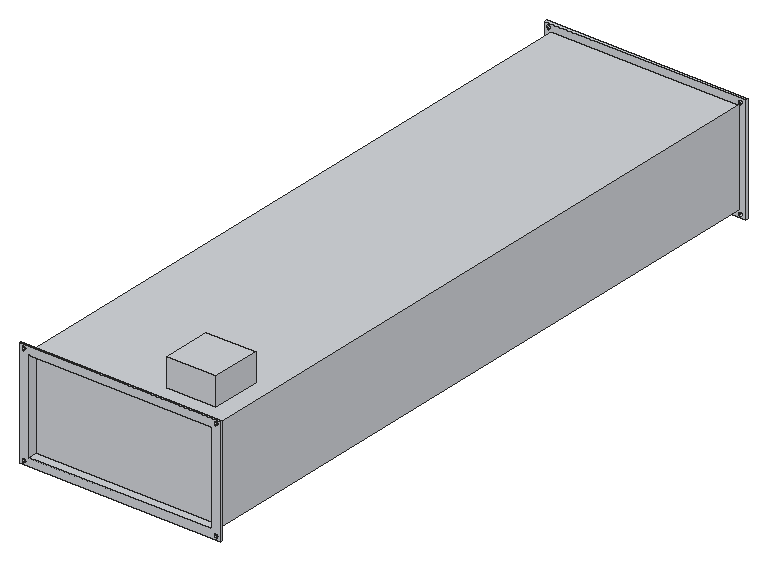
Revit family "13.Бактерицидная секция для прямоугольных каналов SBOW", category Оборудование, Revit 2016
Family settings
  Тип детали = Нормальный
  Размер круглого соединителя = Использовать диаметр
  На основе рабочей плоскости = Нет
  Всегда вертикально = Да
  При загрузке вырезать с полостями = Нет
  Общий = Нет
  Точка расчета площади = Нет
Parameters (values of type "40-20/143")
  ножки(да/нет) [instance] = no
  буква справа [instance] = yes
  буква слева [instance] = yes
  Ширина = А  # 400 mm
  Частотный преобразователь [instance] = no
  Частота вращения n, об/мин = ""
  Тип, марка, обозначение = "SBOW 40-20/143"
  Теплопроизводительность, кВт = ""
  Сила тока J, А = ""
  Регулятор расхода [instance] = no
  Размер В = 420 mm
  Раздел = "ОВ"
  Примечание = ""
  Позиция = ""
  Отступ = 20 mm
  Напряжение U,В = ""
  Наименование и тех.хар-ка = "Бактерицидная секция для прямоугольных каналов"  # constant formula
  Мощность, кВт = 0.68 W
  Материал = Сталь серая
  Масса единицы = "42 кг"
  И = 1440 mm  # constant formula
  З = Е - 45 mm  # 235 mm
  Ж = 9 mm
  Код, оборудования = ""
  Ключевая пометка = "Вентиляция"
  Д1 = Д / 4  # 110 mm
  Д = 440 mm
  Задание электрикам [instance] = no
  Задание автоматчикам [instance] = no
  Завод изготовитель = "KORF"  # constant formula
  Единица измерения = "шт."  # constant formula
  Г = 220 mm
  Е = 280 mm
  Высота = Б  # 200 mm
  Б = 200 mm
  А = 400 mm
  Глубина среза = 15 mm
Types (36, lengths in mm): name | Ширина | Тип, марка, обозначение | Размер В | Мощность, кВт | Масса единицы | З | Ж | Д1 | Д | Г | Е | Высота | Б | А
  40-20/143 | 400 | "SBOW 40-20/143" | 420 | 0.68 W | "42 кг" | 235 | 9 | 110 | 440 | 220 | 280 | 200 | 200 | 400
  40-20/95 | 400 | "SBOW 40-20/95" | 420 | 0.45 W | "33,5 кг" | 235 | 9 | 110 | 440 | 220 | 280 | 200 | 200 | 400
  40-20/63 | 400 | "SBOW 40-20/63" | 420 | 0.3 W | "27,4 кг" | 235 | 9 | 110 | 440 | 220 | 280 | 200 | 200 | 400
  40-20/32 | 400 | "SBOW 40-20/63" | 420 | 0.15 W | "21.3 кг" | 235 | 9 | 110 | 440 | 220 | 280 | 200 | 200 | 400
  50-25/159 | 500 | "SBOW 50-25/159" | 520 | 0.75 W | "48.5 кг" | 285 | 9 | 135 | 540 | 270 | 330 | 250 | 250 | 500
  50-25/111 | 500 | "SBOW 50-25/111" | 520 | 0.53 W | "40.5 кг" | 285 | 9 | 135 | 540 | 270 | 330 | 250 | 250 | 500
  50-25/63 | 500 | "SBOW 50-25/63" | 520 | 0.3 W | "31.5 кг" | 285 | 9 | 135 | 540 | 270 | 330 | 250 | 250 | 500
  50-25/32 | 500 | "SBOW 50-25/32" | 520 | 0.15 W | "25.4 кг" | 285 | 9 | 135 | 540 | 270 | 330 | 250 | 250 | 500
  50-30/174 | 500 | "SBOW 50-30/174" | 520 | 0.83 W | "51.5 кг" | 335 | 9 | 135 | 540 | 320 | 380 | 300 | 300 | 500
  50-30/111 | 500 | "SBOW 50-30/111" | 520 | 0.53 W | "41.5 кг" | 335 | 9 | 135 | 540 | 320 | 380 | 300 | 300 | 500
  50-30/79 | 500 | "SBOW 50-30/79" | 520 | 0.38 W | "36.2 кг" | 335 | 9 | 135 | 540 | 320 | 380 | 300 | 300 | 500
  50-30/47 | 500 | "SBOW 50-30/47" | 520 | 0.22 W | "30.1 кг" | 335 | 9 | 135 | 540 | 320 | 380 | 300 | 300 | 500
  60-30/190 | 600 | "SBOW 60-30/190" | 620 | 0.9 W | "57.7 кг" | 335 | 9 | 160 | 640 | 320 | 380 | 300 | 300 | 600
  60-30/127 | 600 | "SBOW 60-30/127" | 620 | 0.6 W | "47 кг" | 335 | 9 | 160 | 640 | 320 | 380 | 300 | 300 | 600
  60-30/79 | 600 | "SBOW 60-30/79" | 620 | 0.38 W | "38.8 кг" | 335 | 9 | 160 | 640 | 320 | 380 | 300 | 300 | 600
  60-30/47 | 600 | "SBOW 60-30/47" | 620 | 0.22 W | "32.7 кг" | 335 | 9 | 160 | 640 | 320 | 380 | 300 | 300 | 600
  60-35/222 | 600 | "SBOW 60-35/222" | 620 | 1.05 W | "65 кг" | 385 | 9 | 160 | 640 | 370 | 430 | 350 | 350 | 600
  60-35/143 | 600 | "SBOW 60-35/143" | 620 | 0.68 W | "53.4 кг" | 385 | 9 | 160 | 640 | 370 | 430 | 350 | 350 | 600
  60-35/95 | 600 | "SBOW 60-35/95" | 620 | 0.45 W | "45.3 кг" | 385 | 9 | 160 | 640 | 370 | 430 | 350 | 350 | 600
  60-35/63 | 600 | "SBOW 60-35/63" | 620 | 0.3 W | "39.2 кг" | 385 | 9 | 160 | 640 | 370 | 430 | 350 | 350 | 600
  70-40/270 | 700 | "SBOW 70-40/270" | 720 | 1.28 W | "91.5 кг" | 435 | 9 | 185 | 740 | 420 | 480 | 400 | 400 | 700
  70-40/174 | 700 | "SBOW 70-40/174" | 720 | 0.83 W | "75,3 кг" | 435 | 9 | 185 | 740 | 420 | 480 | 400 | 400 | 700
  70-40/111 | 700 | "SBOW 70-40/111" | 720 | 0.53 W | "64.5 кг" | 435 | 9 | 185 | 740 | 420 | 480 | 400 | 400 | 700
  70-40/63 | 700 | "SBOW 70-40/111" | 720 | 0.3 W | "55.4 кг" | 435 | 9 | 185 | 740 | 420 | 480 | 400 | 400 | 700
  80-50/302 | 800 | "SBOW 80-50/302" | 820 | 1.43 W | "103.5 кг" | 535 | 9 | 210 | 840 | 520 | 580 | 500 | 500 | 800
  80-50/206 | 800 | "SBOW 80-50/206" | 820 | 0.98 W | "88 кг" | 535 | 9 | 210 | 840 | 520 | 580 | 500 | 500 | 800
  80-50/127 | 800 | "SBOW 80-50/127" | 820 | 0.6 W | "74 кг" | 535 | 9 | 210 | 840 | 520 | 580 | 500 | 500 | 800
  80-50/79 | 800 | "SBOW 80-50/79" | 820 | 0.38 W | "64.9 кг" | 535 | 9 | 210 | 840 | 520 | 580 | 500 | 500 | 800
  90-50/365 | 900 | "SBOW 90-50/365" | 930 | 1.73 W | "118.5 кг" | 535 | 11 | 240 | 960 | 530 | 580 | 500 | 500 | 900
  90-50/238 | 900 | "SBOW 90-50/238" | 930 | 1.13 W | "97 кг" | 535 | 11 | 240 | 960 | 530 | 580 | 500 | 500 | 900
  90-50/159 | 900 | "SBOW 90-50/159" | 930 | 0.75 W | "83.2 кг" | 535 | 11 | 240 | 960 | 530 | 580 | 500 | 500 | 900
  90-50/95 | 900 | "SBOW 90-50/95" | 930 | 0.45 W | "71 кг" | 535 | 11 | 240 | 960 | 530 | 580 | 500 | 500 | 900
  100-50/397 | 1000 | "SBOW 100-50/397" | 1030 | 1.88 W | "127.3 кг" | 535 | 11 | 265 | 1060 | 530 | 580 | 500 | 500 | 1000
  100-50/270 | 1000 | "SBOW 100-50/270" | 1030 | 1.28 W | "105.7 кг" | 535 | 11 | 265 | 1060 | 530 | 580 | 500 | 500 | 1000
  100-50/190 | 1000 | "SBOW 100-50/190" | 1030 | 0.9 W | "92.2 кг" | 535 | 11 | 265 | 1060 | 530 | 580 | 500 | 500 | 1000
  100-50/111 | 1000 | "SBOW 100-50/190" | 1030 | 0.53 W | "77 кг" | 535 | 11 | 265 | 1060 | 530 | 580 | 500 | 500 | 1000
Reference planes
  plane 1 "По центру (Вперед/Назад)": y = 0
  plane 2: z = 0
  plane 3 "По центру (Влево/Вправо)": x = 0
  plane 4: x = -220
  plane 5: x = 220
  plane 6: z = 117.5
  plane 7: z = -117.5
  plane 8: x = -210
  plane 9: x = 210
  plane 10: x = -200
  plane 11: x = 200
  plane 12: z = 110
  plane 13: z = -110
  plane 14: z = 100
  plane 15: z = -100
  plane 16: y = 720
  plane 17: y = -720
  plane 18: y = -700
  plane 19: y = 700
  plane 20: x = 110
  plane 21: y = -610
  plane 22: z = 162.5
Forms (mm)
  Extrusion 1, void, not visible
    sketch origin (-345, -245, 50) x (0, -1, 0) y (0, 0, -1)
      loop
        line (-477.965, -475) -> (-477.965, -450) -> (-528.913, -450) -> (-528.913, -475) -> (-477.965, -475)
    from -47.452 to 12
  Extrusion 2, solid, detail levels fine
    sketch origin (0, 0, 0) x (1, 0, 0) y (0, 0, 1)
      loop
        line (-220, 117.5) -> (-220, -117.5) -> (220, -117.5) -> (220, 117.5) -> (-220, 117.5)
    from -720 to 720
  Extrusion 3, void
    sketch origin (0, 0, 0) x (1, 0, 0) y (0, 0, 1)
      loop
        circle (-210, 110) r 4.5
      loop
        circle (-210, -110) r 4.5
      loop
        circle (210, -110) r 4.5
      loop
        circle (210, 110) r 4.5
    from -720 to 720
  Sweep 4, void, detail levels fine
    path in 3D
      loop
        line (220, 720, 117.5) -> (220, 720, -117.5) -> (-220, 720, -117.5) -> (-220, 720, 117.5) -> (220, 720, 117.5)
    profile origin (0, 720, 117.5) x (0, 1, 0) y (0, 0, 1)
      loop
        line (-5.801, 0) -> (-1437.305, 0) -> (-1437.305, -15) -> (-5.801, -15) -> (-5.801, 0)
  Extrusion 5, void
    sketch origin (0, 0, 0) x (1, 0, 0) y (0, 0, 1)
      loop
        line (-200, 100) -> (-200, -100) -> (200, -100) -> (200, 100) -> (-200, 100)
    from 720 to 700
  Extrusion 6, void
    sketch origin (0, 0, 0) x (1, 0, 0) y (0, 0, -1)
      loop
        line (-200, -100) -> (200, -100) -> (200, 100) -> (-200, 100) -> (-200, -100)
    from 720 to 700
  Extrusion 7, solid, detail levels fine
    sketch origin (-65.681, 67.592, 0) x (1, 0, 0) y (0, 1, 0)
      loop
        line (121.931, -623.842) -> (121.931, -731.842) -> (229.931, -731.842) -> (229.931, -623.842) -> (121.931, -623.842)
    from 162.5 to 100
Cuts and joins
  Extrusion 3, Sweep 4, Extrusion 5, Extrusion 6 cuts Extrusion 2
  joined: Extrusion 2, Extrusion 7
Lines and regions (mm)
  sketch lines
    curve 1: line (-220, 720, 117.5) -> (220, 720, 117.5)
    curve 2: line (220, 720, -117.5) -> (-220, 720, -117.5)
    curve 3: line (-220, 720, -117.5) -> (-220, 720, 117.5)
    curve 4: line (220, 720, 117.5) -> (220, 720, -117.5)
  model lines, detail levels coarse
    curve 5: line (-220, 720, 0) -> (220, 720, 0)
    curve 6: line (-220, -720, 0) -> (-220, 720, 0)
    curve 7: line (220, -720, 0) -> (-220, -720, 0)
    curve 8: line (220, 720, 0) -> (220, -720, 0)
  model lines, detail levels medium
    curve 9: line (0, 720, 117.5) -> (0, -720, 117.5)
    curve 10: line (0, 720, -117.5) -> (0, 720, 117.5)
    curve 11: line (0, -720, -117.5) -> (0, 720, -117.5)
    curve 12: line (0, -720, 117.5) -> (0, -720, -117.5)
Dimensions and locks
  equal spacing: plane 6, level, plane 7
  "З": plane 6 to plane 7
  equal spacing: plane 5, plane 3 "По центру (Влево/Вправо)", plane 4
  "Д": plane 5 to plane 4
  equal spacing: plane 11, plane 3 "По центру (Влево/Вправо)", plane 10
  "А": plane 11 to plane 10
  equal spacing: plane 9, plane 3 "По центру (Влево/Вправо)", plane 8
  "Размер В": plane 9 to plane 8
  equal spacing: plane 14, level, plane 15
  "Б": plane 14 to plane 15
  equal spacing: plane 12, level, plane 13
  "Г": plane 12 to plane 13
  equal spacing: plane 16, plane 1 "По центру (Вперед/Назад)", plane 17
  "И": plane 16 to plane 17
  "Отступ": plane 16 to plane 19
  "Отступ": plane 18 to plane 17
  "Д1": plane 20 to plane 5
  "Д1": plane 21 to plane 17
  Extrusion 7 sketch curve to Extrusion 7 sketch curve = 108 mm  (x2)
  locked: plane 21 to Extrusion 7 at 53.75
  locked: plane 20 to Extrusion 7 at 54.25
  "Е": plane 22 to plane 7
  "Ж": diameter of Extrusion 3 sketch curve  (x4)
  aligned and locked: level to plane 2
  aligned and locked: Extrusion 2 to plane 7
  aligned and locked: Extrusion 2 to plane 4
  aligned and locked: Extrusion 2 to plane 6
  aligned and locked: Extrusion 2 to plane 5
  aligned and locked: plane 16 to cut or joined group of Extrusion 2, Extrusion 3, Sweep 4, Extrusion 5, Extrusion 6, Extrusion 7  (x2)
  aligned and locked: cut or joined group of Extrusion 2, Extrusion 3, Sweep 4, Extrusion 5, Extrusion 6, Extrusion 7 to plane 17  (x3)
  aligned and locked: plane 14 to cut or joined group of Extrusion 2, Extrusion 3, Sweep 4, Extrusion 5, Extrusion 6, Extrusion 7
  aligned and locked: cut or joined group of Extrusion 2, Extrusion 3, Sweep 4, Extrusion 5, Extrusion 6, Extrusion 7 to plane 10
  aligned and locked: cut or joined group of Extrusion 2, Extrusion 3, Sweep 4, Extrusion 5, Extrusion 6, Extrusion 7 to plane 15
  aligned and locked: plane 11 to cut or joined group of Extrusion 2, Extrusion 3, Sweep 4, Extrusion 5, Extrusion 6, Extrusion 7
  aligned and locked: cut or joined group of Extrusion 2, Extrusion 3, Sweep 4, Extrusion 5, Extrusion 6, Extrusion 7 to plane 18
  aligned and locked: Extrusion 6 to plane 19
  aligned and locked: Extrusion 2 to Extrusion 6
  aligned and locked: plane 22 to Extrusion 7
  aligned and locked: Extrusion 7 to plane 14
  aligned and locked: curve 5 to cut or joined group of Extrusion 2, Extrusion 3, Sweep 4, Extrusion 5, Extrusion 6, Extrusion 7
  aligned and locked: curve 6 to cut or joined group of Extrusion 2, Extrusion 3, Sweep 4, Extrusion 5, Extrusion 6, Extrusion 7
  aligned and locked: curve 7 to cut or joined group of Extrusion 2, Extrusion 3, Sweep 4, Extrusion 5, Extrusion 6, Extrusion 7
  aligned and locked: curve 8 to cut or joined group of Extrusion 2, Extrusion 3, Sweep 4, Extrusion 5, Extrusion 6, Extrusion 7
  aligned and locked: text3d elem to plane 1 "По центру (Вперед/Назад)"  (x2)
  aligned and locked: curve 9 to cut or joined group of Extrusion 2, Extrusion 3, Sweep 4, Extrusion 5, Extrusion 6, Extrusion 7
  aligned and locked: curve 10 to cut or joined group of Extrusion 2, Extrusion 3, Sweep 4, Extrusion 5, Extrusion 6, Extrusion 7
  aligned and locked: curve 11 to cut or joined group of Extrusion 2, Extrusion 3, Sweep 4, Extrusion 5, Extrusion 6, Extrusion 7
  aligned and locked: curve 12 to cut or joined group of Extrusion 2, Extrusion 3, Sweep 4, Extrusion 5, Extrusion 6, Extrusion 7
  aligned and locked: plane 1 "По центру (Вперед/Назад)" to text3d elem
Automatic sketch dimensions
  Extrusion 2 sketch curve to plane 4 = 0 mm
  plane 5 to Extrusion 2 sketch curve = 0 mm
  Extrusion 2 sketch curve to plane 7 = 0 mm
  Extrusion 2 sketch curve to plane 6 = 0 mm
  Sweep 4 sketch curve to profile plane = 0 mm
  profile plane to Sweep 4 sketch curve = 1437.305 mm
  profile plane to Sweep 4 sketch curve = 5.801 mm
  Sweep 4 sketch curve to profile plane = 15 mm
  Extrusion 5 sketch curve to plane 10 = 0 mm
  Extrusion 5 sketch curve to plane 11 = 0 mm
  plane 15 to Extrusion 5 sketch curve = 0 mm
  Extrusion 5 sketch curve to plane 14 = 0 mm
  Extrusion 6 sketch curve to plane 10 = 0 mm
  Extrusion 6 sketch curve to plane 11 = 0 mm
  Extrusion 6 sketch curve to plane 14 = 0 mm
  Extrusion 6 sketch curve to plane 15 = 0 mm
  plane 20 to Extrusion 7 sketch curve = 53.75 mm
  Extrusion 7 sketch curve to plane 21 = 53.75 mm
  Extrusion 3 sketch curve to plane 8 = 0 mm  (x2)
  Extrusion 3 sketch curve to plane 9 = 0 mm  (x2)
  Extrusion 3 sketch curve to plane 13 = 0 mm  (x2)
  Extrusion 3 sketch curve to plane 12 = 0 mm  (x2)
Nested families
  nested 1: "крепление 15мм" at (-330, 229.965, 495), type "крепление 15мм", not visible
Connectors
  hvac at (0, -720, 0), driven by "Высота", driven by "Ширина"
    settings: on cut or joined group of Extrusion 2, Extrusion 3, Sweep 4, Extrusion 5, Extrusion 6, Extrusion 7, index 1, duct flow 0.0 L/s, flow factor 0, pres drop 0.0 Pa, loss coef 0, conn angle 0.00°, conn width 400 mm, conn height 200 mm, conn diameter 609.6 mm, duct sys type 28, conn prof type 1, flow config 0, flow direction 0, loss method 0, conn ref index 2, conn util no, is conn primary yes, conn desc ""
  hvac at (0, 720, 0), driven by "Высота", driven by "Ширина"
    settings: on cut or joined group of Extrusion 2, Extrusion 3, Sweep 4, Extrusion 5, Extrusion 6, Extrusion 7, index 2, duct flow 0.0 L/s, flow factor 0, pres drop 0.0 Pa, loss coef 0, conn angle 0.00°, conn width 400 mm, conn height 200 mm, conn diameter 609.6 mm, duct sys type 28, conn prof type 1, flow config 0, flow direction 0, loss method 0, conn ref index 1, conn util no, is conn primary no, conn desc ""
Definition of nested family "крепление 15мм"
  Parameters (values of type "крепление 15мм")
    Материал крепления = none
  Reference planes
    plane 1 "По центру (Вперед/Назад)": y = 0
    plane 2: z = 0
    plane 3 "По центру (Влево/Вправо)": x = 0
  Forms (mm)
    Extrusion 1, solid, material <- "Материал крепления"
      sketch origin (0, 0, 0) x (1, 0, 0) y (0, 1, 0)
        loop
          line (-25, 0) -> (0, 0) -> (0, 18.31) -> (0, 25) -> (-3, 25) -> (-3, 3) -> (-25, 3) -> (-25, 0)
      from 0 to 30
    Extrusion 2, void
      sketch origin (0, 0, 0) x (1, 0, 0) y (0, 1, 0)
        loop
          line (-3, 3) -> (-3, 54.96) -> (-58, 54.96) -> (-58, 3) -> (-3, 3)
      from 0 to 15
  Cuts and joins
    Extrusion 2 cuts Extrusion 1
  Dimensions and locks
    Extrusion 1 sketch curve to Extrusion 1 sketch curve = 3 mm  (x2)
    Extrusion 1 sketch curve to Extrusion 1 sketch curve to plane 3 "По центру (Влево/Вправо)" = 25 mm, 0 mm
    Extrusion 1 sketch curve to Extrusion 1 sketch curve = 25 mm
    aligned and locked: level to plane 2
